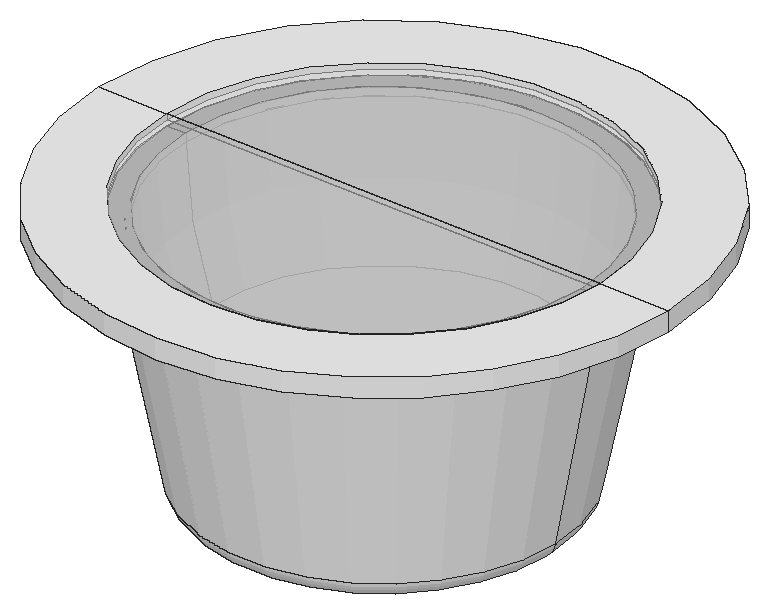
Revit family "2060546+2028036 Sylvania Lighting Fixture ASCENT 100 II ARCH 1000 4K STD EMG 160 with IP44 Frost Glass", category Lighting Fixtures, host Face, Revit 2016
Family settings
  Host = Face
  Part Type = Normal
  Round Connector Dimension = Use Diameter
  OmniClass Number = 23.80.70.11.17
  OmniClass Title = Specialized Lighting by Location or Use
  Cut with Voids When Loaded = No
  Light Source = Yes
  Shared = No
  Room Calculation Point = No
Parameters (values of type "2060546+2028036 ASCT100 II ARCH 1000 4K STD EM 160 with IP44 Frost Glass Emergency mode")
  WidthBezelAcc_SYL = 25.0 mm
  Weight = "1.92 kg"
  Wattage = 1.69643 W
  WarrantyStartDate [instance] = "n/a"
  WarrantyGuarantorParts = "n/a"
  WarrantyDurationUnit = "n/a"
  WarrantyDurationParts = "n/a"
  WarrantyDescription = "n/a"
  built-in parameter 1150110 = 1 (stored number, unit not read)
  Voltage = 0 V
  VisibilityAccessory_SYL = yes
  TypeName = "ASCT100 II ARCH 1000 4K STD EM 160 with IP44 Frost Glass Emergency mode"
  built-in parameter 1114217 = 1 (stored number, unit not read)
  Tilt Angle = -90°
  built-in parameter 1150109 = 1 (stored number, unit not read)
  built-in parameter 1150134 = 12
  built-in parameter 1150113 = 1 (stored number, unit not read)
  SerialNumber [instance] = "n/a"
  ReflectorRadius_SYL = Radius_SYL - 14.5 mm  # 80.0 mm
  RadiusAcc_SYL = 105.0 mm
  Radius_SYL = 94.5 mm
  URL = "http://www.sylvania-lighting.com"
  PowerFactor = 0
  PowerConsumption = "9 W"
  Photometric Web File = "2060546EM.ies"
  NominalWidth = 0.0 mm
  NominalLength = 0.0 mm
  NominalHeight = 94.0 mm
  Name = "ASCT100 II ARCH 1000 4K STD EM 160 with IP44 Frost Glass Emergency mode"
  ModelReference = "ASCT100 II ARCH 1000 4K STD EM 160 with IP44 Frost Glass Emergency mode"
  ModelNumber = "2060546+2028036"
  Material_4_SYL = none
  Material_3_SYL = Polycarbonate_Sylvania_Ascent_Clear
  Material_2_SYL = Aluminium_Sylvania_Ascent_Silver
  Material_1_SYL = Aluminum_Sylvania_Ascent_White
  Material = "aluminium housing, arcylic diffuser"
  ManufacturerName = "Feilo Sylvania"
  LuminousEfficacy = "112 lm/W"
  built-in parameter 1150105 = 15.12 (stored number, unit not read)
  Lumens = 190 lm
  LuminaireType = ""
  built-in parameter 1150115 = 1 (stored number, unit not read)
  LightOutputRatio = "100"
  built-in parameter 1150137 = (empty or 0)
  built-in parameter 1150139 = (empty or 0)
  LampsType = Lamp  # "LED"
  LampNominalLuminous = "1009 lm"
  LampMacAdamStep = "3"
  LampColourTemperature = "4000 K"
  LampColourRenderingIndex = "80"
  built-in parameter 1150112 = 1 (stored number, unit not read)
  built-in parameter 1150114 = 1 (stored number, unit not read)
  Keynote = "16500"
  InstallationDate [instance] = "n/a"
  InputVoltage = "n/a"
  InputNominalFrequency = "n/a"
  built-in parameter 1150132 = (empty or 0)
  built-in parameter 1150102 = (empty or 0)
  built-in parameter 1150107 = 4000 (stored number, unit not read)
  built-in parameter 1150138 = (empty or 0)
  IngressProtection = "IP44"
  ImpactProtectionIndex = "IK02"
  built-in parameter 1150106 = 0.1512 (stored number, unit not read)
  IfcExportType = "IfcLightFixtureType"
  IfcExportAs = "IfcLightFixtureType"
  Height_SYL = 94.0 mm
  HeightAcc_SYL = 7.0 mm
  ExpectedLife = 50000
  EmittionSurface_SYL = if(VisibilityAccessory_SYL, 7.0 mm, 3.0 mm)  # 7.0 mm
  Emit from Circle Diameter = DiffuserRadius_SYL * 2  # 146.0 mm
  Emit Shape Visible in Rendering = no
  ElectricShockClassification = "Class II"
  built-in parameter 1150104 = 10.405 (stored number, unit not read)
  DurationUnit = "hours"
  DocumentationLiterature = "http://www.sylvania-lighting.com/product/en-int/products/2060546"
  DimmingControlOptions = "n/a"
  Dimming Lamp Color Temperature Shift = <None>
  DiffuserRadius_SYL = ReflectorRadius_SYL - 7.0 mm  # 73.0 mm
  Diameter_SYL = 2 * Radius_SYL  # 189.0 mm
  CutoutDiameter_SYL = Diameter_SYL - 13.0 mm  # 176.0 mm
  CreatedOn = "9/17/2018"
  CreatedBy = "@sylvania-lighting.com"
  Color Filter = 16777215
  built-in parameter 1114216 [instance] = 1 (stored number, unit not read)
  Model = "ASCT100 II ARCH 1000 4K STD EM 160 with IP44 Frost Glass Emergency mode"
  Manufacturer = "Feilo Sylvania"
  Lamp = "LED"
  Description = "Direct LED retro fit for original LED 100 Arch (160) single CFL lamp offering Matching lumen levels and improved light distribution of original LED 100 CFL lamp equivalents Typically half the power consumption compared to CFL Up to 112lm/W 160mm aperture Architectural reflector accepts range of glass accessories from existing LED 100 Arch 160 offering HE, HO and VHO versions equivalent of single 1 x 18W, 1 x 32W, 1 x 42W\r\n Additional VVHO versions which offer the performance circa 2 x 32W equivalent"  # constant formula
  Default Elevation = 0.0 mm
  built-in parameter 1140040 [instance] = 1
  BarCode [instance] = "n/a"
  built-in parameter 1114218 = 1 (stored number, unit not read)
  built-in parameter 1150133 = 10 (stored number, unit not read)
  AssetType = "Fixed"
  AssetIdentifier [instance] = "n/a"
  Assembly Code = "D5020200"
  Apparent Load = 1.69643 VA
  Aperture_SYL = 2 * ReflectorRadius_SYL  # 160.0 mm
Types (2, lengths in mm): name | Wattage | TypeName | Photometric Web File | Name | ModelReference | Material_3_SYL | built-in parameter 1150105 | Lumens | built-in parameter 1150106 | Model | Apparent Load
  2060546+2028036 ASCT100 II ARCH 1000 4K STD EM 160 with IP44 Frost Glass Emergency mode | 1.69643 W | "ASCT100 II ARCH 1000 4K STD EM 160 with IP44 Frost Glass Emergency mode" | "2060546EM.ies" | "ASCT100 II ARCH 1000 4K STD EM 160 with IP44 Frost Glass Emergency mode" | "ASCT100 II ARCH 1000 4K STD EM 160 with IP44 Frost Glass Emergency mode" | Polycarbonate_Sylvania_Ascent_Clear | 15.12 (stored number, unit not read) | 190 lm | 0.1512 (stored number, unit not read) | "ASCT100 II ARCH 1000 4K STD EM 160 with IP44 Frost Glass Emergency mode" | 1.69643 VA
  2060546+2028036 ASCT100 II ARCH 1000 4K STD EM 160 with IP44 Frost Glass | 9 W | "ASCENT 100 II ARCH 1000 4K STD EMG 160 with IP44 Frost Glass" | "2060546.ies" | "ASCENT 100 II ARCH 1000 4K STD EMG 160 with IP44 Frost Glass" | "ASCENT 100 II ARCH 1000 4K STD EMG 160 with IP44 Frost Glass" | Polycarbonate_Sylvania_Ascent_Opal | 80.214 (stored number, unit not read) | 1008 lm | 0.80214 (stored number, unit not read) | "ASCENT 100 II ARCH 1000 4K STD EMG 160 with IP44 Frost Glass" | 9 VA
Reference planes
  plane 1 "Center (Front/Back)": y = 0
  plane 2: z = 0
  plane 3 "Center (Left/Right)": x = 0
  plane 4 "Fixture Bottom": z = 3
  plane 5: z = -52.5
  plane 6 "Fixture Top": z = -91
  plane 7: x = -105
  plane 8: z = 7
  plane 9: x = -80
  plane 10: z = 5
  plane 11: x = -103
Forms (mm)
  Extrusion 1, solid, material "Aluminum_Sylvania_Ascent_White", detail levels fine
    sketch origin (0, 0, 0) x (1, 0, 0) y (0, 1, 0)
      loop
        circle (0, 0) r 94.5
      loop
        circle (0, 0) r 80
    from 0 to 3
  Extrusion 2, void
    sketch origin (0, 0, 0) x (1, 0, 0) y (0, 1, 0)
      loop
        circle (0, 0) r 88
    from -91 to 3
  Revolve 3, solid, material "Aluminum_Sylvania_Ascent_White" <- "Material_1_SYL", detail levels fine
    sketch origin (0, 0, 0) x (1, 0, 0) y (0, 0, 1)
      loop
        line (0, -91.073) -> (0, -89.023) -> (-55.468, -89.014)
        arc (-55.468, -89.014) -> (-59.352, -87.613) -> (-61.54, -84.139) r 6.307
        line (-61.54, -84.139) -> (-77.991, -2.844) -> (-77.991, 0) -> (-80, 0) -> (-80, -3) -> (-63.5, -84.536)
        arc (-63.5, -84.536) -> (-60.643, -89.203) -> (-55.5, -91.073) r 8.291
        line (-55.5, -91.073) -> (0, -91.073)
      axis (0, 0) -> (0, -91.073)
    angle from 0 to 360
  Revolve 4, solid, material "Aluminium_Sylvania_Ascent_Silver" <- "Material_2_SYL", detail levels fine
    sketch origin (0, 0, 0) x (1, 0, 0) y (0, 0, 1)
      loop
        line (-80, 3) -> (-80, 0) -> (-75, 0)
        arc (-75, 0) -> (-72.349, -26.77) -> (-64.5, -52.5) r 136.5
        line (-64.5, -52.5) -> (-58, -52.5)
        arc (-58, -52.5) -> (-56.857, -61.521) -> (-53.5, -69.971) r 36.166
        line (-53.5, -69.971) -> (0, -69.971) -> (0, -50.5) -> (-63.16, -50.5)
        arc (-63.16, -50.5) -> (-70.517, -25.725) -> (-73, 0) r 134.5
        line (-73, 0) -> (-73, 3) -> (-80, 3)
      axis (0, 3) -> (0, -69.971)
    angle from 0 to 360
  Extrusion 5, solid, material "Polycarbonate_Sylvania_Ascent_Clear" <- "Material_3_SYL", detail levels fine
    sketch origin (0, 0, 0) x (1, 0, 0) y (0, 1, 0)
      loop
        circle (0, 0) r 73
    from 0 to 3
  Revolve 6, solid, material "Aluminum_Sylvania_Ascent_White" <- "Material_1_SYL", detail levels coarse+medium
    sketch origin (0, 0, 0) x (1, 0, 0) y (0, 0, 1)
      loop
        line (0, -91.073) -> (0, 3) -> (-94.5, 3) -> (-94.5, 0) -> (-79.5, 0) -> (-79.5, -3) -> (-63, -84.536)
        arc (-63, -84.536) -> (-60.143, -89.203) -> (-55, -91.073) r 8.291
        line (-55, -91.073) -> (0, -91.073)
      axis (0, 3) -> (0, -91.073)
    angle from 0 to 360
  Revolve 7, solid, material "Aluminum_Sylvania_Ascent_White" <- "Material_1_SYL", visible <- "VisibilityAccessory_SYL"
    sketch origin (0, 0, 0) x (1, 0, 0) y (0, 0, 1)
      loop
        line (-105, 0) -> (-103, 0) -> (-103, 5) -> (-80, 5) -> (-80, 7) -> (-105, 7) -> (-105, 0)
      axis (0, 7) -> (0, 0)
    angle from 0 to 360
  Revolve 8, solid, material "Polycarbonate_Sylvania_Ascent_Clear" <- "Material_3_SYL", visible <- "VisibilityAccessory_SYL"
    sketch origin (0, 0, 0) x (1, 0, 0) y (0, 0, 1)
      loop
        line (-80, 7) -> (-80, 5) -> (0, 5) -> (0, 7) -> (-80, 7)
      axis (0, 7) -> (0, 5)
    angle from 0 to 360
Lines and regions (mm)
  reference lines
    curve 1: line (-150, 0, 7) -> (125, 0, 7)
Dimensions and locks
  locked: plane 4 "Fixture Bottom" to plane 2 at 3
  "Height_SYL": plane 4 "Fixture Bottom" to plane 6 "Fixture Top"
  "ReflectorRadius_SYL": plane 3 "Center (Left/Right)" to Revolve 4 sketch curve
  locked: Revolve 4 sketch curve to Revolve 4 sketch curve at 15.5
  locked: Revolve 4 sketch curve to Revolve 4 sketch curve at 5
  locked: Revolve 4 sketch curve to Revolve 4 sketch curve at 7
  locked: Revolve 4 sketch curve to Revolve 4 sketch curve at 22
  locked: Revolve 4 sketch curve to Revolve 4 sketch curve at 26.5
  locked: Revolve 3 sketch curve to Revolve 3 sketch curve at 16.5
  locked: Revolve 3 sketch curve to Revolve 3 sketch curve at 24.5
  "ReflectorRadius_SYL": Revolve 3 sketch curve to plane 3 "Center (Left/Right)"
  locked: Revolve 3 sketch curve to plane 6 "Fixture Top" at 6.464
  locked: plane 2 to Revolve 3 sketch curve at 3
  locked: Revolve 3 sketch curve to Revolve 3 sketch curve at 2
  locked: Revolve 3 sketch curve to Revolve 3 sketch curve at 2.009
  locked: plane 2 to plane 5 at 52.5
  locked: Revolve 6 sketch curve to Revolve 6 sketch curve at 31.5
  locked: Revolve 6 sketch curve to Revolve 6 sketch curve at 39.5
  locked: Revolve 6 sketch curve to Revolve 6 sketch curve at 15
  "Radius_SYL": plane 3 "Center (Left/Right)" to Revolve 6 sketch curve
  "RadiusAcc_SYL": plane 3 "Center (Left/Right)" to plane 7
  "HeightAcc_SYL": plane 8 to level
  "WidthBezelAcc_SYL": plane 7 to plane 9
  locked: plane 7 to plane 11 at 2
  locked: plane 8 to plane 10 at 2
  "EmittionSurface_SYL": curve 1 to level
  "CutoutDiameter_SYL": diameter of Extrusion 2 sketch curve
  "ReflectorRadius_SYL": radius of Extrusion 1 sketch curve
  "DiffuserRadius_SYL": radius of Extrusion 5 sketch curve
  "Radius_SYL": radius of Extrusion 1 sketch curve
  aligned and locked: host face to plane 2
  aligned and locked: host face to level
  aligned and locked: plane 4 "Fixture Bottom" to Extrusion 1
  aligned and locked: Extrusion 1 to plane 2
  aligned and locked: Revolve 3 sketch curve to plane 3 "Center (Left/Right)"
  aligned and locked: Revolve 4 sketch curve to plane 3 "Center (Left/Right)"  (x2)
  aligned and locked: plane 4 "Fixture Bottom" to Revolve 4 sketch curve
  aligned and locked: Extrusion 5 to plane 2
  aligned and locked: plane 2 to Revolve 3 sketch curve  (x2)
  aligned and locked: Revolve 6 sketch curve to plane 3 "Center (Left/Right)"
  aligned and locked: plane 6 "Fixture Top" to Extrusion 2
  aligned and locked: Revolve 7 sketch curve to plane 3 "Center (Left/Right)"
  aligned and locked: host face to Revolve 7 sketch curve  (x2)
  aligned and locked: Revolve 7 sketch curve to plane 7
  aligned and locked: plane 8 to Revolve 7 sketch curve
  aligned and locked: plane 9 to Revolve 7 sketch curve
  aligned and locked: Revolve 7 sketch curve to plane 10
  aligned and locked: plane 11 to Revolve 7 sketch curve
  aligned and locked: Revolve 7 to Revolve 8 sketch curve
  aligned and locked: Revolve 8 sketch curve to Revolve 7  (x2)
  aligned and locked: Revolve 8 sketch curve to plane 3 "Center (Left/Right)"  (x2)
  aligned and locked: plane 3 "Center (Left/Right)" to imposter light
  aligned and locked: imposter light to plane 1 "Center (Front/Back)"
  aligned and locked: imposter light to curve 1
Automatic sketch dimensions
  plane 1 "Center (Front/Back)" to Extrusion 2 sketch curve = 0.0 mm
  Extrusion 2 sketch curve to plane 3 "Center (Left/Right)" = 0.0 mm
  Extrusion 1 sketch curve to Extrusion 1 sketch curve = 0.0 mm  (x2)
  plane 1 "Center (Front/Back)" to Extrusion 1 sketch curve = 0.0 mm
  Extrusion 1 sketch curve to plane 3 "Center (Left/Right)" = 0.0 mm
  plane 6 "Fixture Top" to Revolve 3 sketch curve = 0.073 mm
  Revolve 3 sketch curve to plane 6 "Fixture Top" = 6.861 mm
  Revolve 3 sketch curve to Revolve 3 sketch curve = 0.003 mm
  Revolve 3 sketch curve to Revolve 3 sketch curve = 0.009 mm  (x2)
  Revolve 3 sketch curve to Revolve 3 sketch curve = 0.023 mm
  Revolve 3 sketch curve to Revolve 3 sketch curve = 0.072 mm
  Revolve 3 sketch curve to Revolve 3 sketch curve = 0.008 mm
  Revolve 3 sketch curve to plane 6 "Fixture Top" = 1.977 mm
  Revolve 3 sketch curve to Revolve 3 sketch curve = 33.496 mm
  Revolve 3 sketch curve to Revolve 3 sketch curve = 0.028 mm
  plane 4 "Fixture Bottom" to Revolve 3 sketch curve = 82.431 mm
  Revolve 4 sketch curve to Revolve 4 sketch curve = 0.0 mm  (x2)
  Revolve 4 sketch curve to plane 5 = 0.0 mm
  Revolve 4 sketch curve to level = 0.0 mm
  plane 5 to Revolve 4 sketch curve = 2.0 mm
  plane 4 "Fixture Bottom" to Revolve 4 sketch curve = 9.642 mm
  plane 1 "Center (Front/Back)" to Extrusion 5 sketch curve = 0.0 mm
  Extrusion 5 sketch curve to plane 3 "Center (Left/Right)" = 0.0 mm
  Revolve 4 sketch curve to level = 69.971 mm
  Revolve 4 sketch curve to Revolve 4 sketch curve = 2.387 mm
  Revolve 6 sketch curve to level = 0.0 mm
  Revolve 6 sketch curve to plane 3 "Center (Left/Right)" = 0.0 mm
  Revolve 6 sketch curve to Revolve 6 sketch curve = 8.104 mm
  Revolve 6 sketch curve to level = 3.0 mm
  Revolve 6 sketch curve to plane 6 "Fixture Top" = 6.464 mm
  plane 6 "Fixture Top" to Revolve 6 sketch curve = 0.073 mm
  Revolve 6 sketch curve to Revolve 6 sketch curve = 33.496 mm
  plane 4 "Fixture Bottom" to Revolve 6 sketch curve = 82.431 mm
  host sketch curve to host sketch curve = 1704.996 mm
  host sketch curve to host sketch curve = 1500.0 mm
  plane 6 "Fixture Top" to Revolve 7 sketch curve = 281.274 mm
  Revolve 7 sketch curve to plane 8 = 1140.706 mm
  plane 6 "Fixture Top" to Revolve 8 sketch curve = 281.274 mm
  Revolve 8 sketch curve to Revolve 8 sketch curve = 1140.706 mm
  Revolve 3 sketch curve to plane 3 "Center (Left/Right)" = 0.0 mm
  Revolve 6 sketch curve to plane 4 "Fixture Bottom" = 0.0 mm
  plane 7 to curve 1 = 45.0 mm
  plane 3 "Center (Left/Right)" to curve 1 = 125.0 mm
Connectors
  electrical at (0, 0, -91.073), driven by "Apparent Load"
    settings: on Revolve 3, index 1, voltage 240 V, apparent load 0 VA, apparent load phase1 1.69643 VA, apparent load phase2 0 VA, apparent load phase3 0 VA, power factor 1, load classification "Lighting", number of poles 1, system type 31, power factor state 1, is connector primary yes, connector utility no, sub classification motor no, connector description ""
